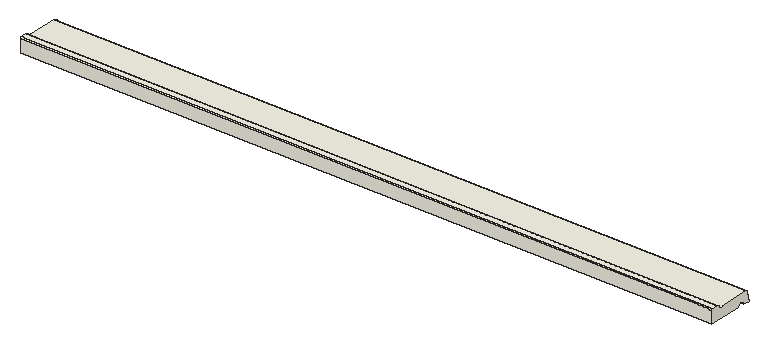
Revit family "Imposta IMP-H. C-1", category Modelos genéricos, Revit 2020
Family settings
  Puede alojar armadura = No
  Cota de conector redondo = Diámetro de uso
  Tipo de pieza = Normal
  Se basa en plano de trabajo = No
  Siempre vertical = No
  Corte con vacíos al cargar = No
  Compartido = No
  Punto de cálculo de habitación = No
Parameters
  Descripción = "Pieza de hormigón polímero con anclaje de acero inoxidable."
  URL = "https://www.ulmaarchitectural.com/es-es"
  Nº filas anclajes [instance] = if(Longitud > 2600 mm, 6, if(Longitud < 660 mm, 2, Longitud / Dist. entre anclajes))  # 3
  Modelo = "Imposta IMP-H"
  Material = Hormigón polímero STONEO. Color C-1
  Longitud real [instance] = if(Longitud > 2600 mm, 2600 mm, if(Longitud < 500 mm, 500 mm, Longitud))  # 1300 mm
  Longitud [instance] = 1300 mm
  Fabricante = "ULMA Architectural Solutions"
  Elevación por defecto = 0 mm
  Dist. entre anclajes [instance] = if(Longitud < 650 mm, 340 mm, 440 mm)  # 440 mm
  Dist primer anclaje [instance] = if(Longitud < 700 mm, 80 mm, 150 mm)  # 150 mm
  Código de montaje = "IMP-H"
  Ancho total = 85 mm  # constant formula
Reference planes
  plane 1 "Centro (Frontal/Posterior)": y = 0
  plane 2: z = 0
  plane 3 "Centro (Izquierda/Derecha)": x = 0
  plane 4: y = -115
  plane 5: y = 115
  plane 6: y = -15
Forms (mm)
  Extrusion 1, solid, material "Hormigón polímero STONEO. Color C-1" <- "Material"
    sketch origin (0, 0, 0) x (0, 1, 0) y (0, 0, 1)
      loop
        line (-42.5, 0) -> (17.5, 0) -> (22.695, 6.234)
        arc (22.695, 6.234) -> (25, 7.314) -> (27.305, 6.234) r 3
        line (27.305, 6.234) -> (32.5, 0) -> (42.5, 0) -> (39.256, 18.396)
        arc (39.256, 18.396) -> (38.283, 19.563) -> (36.827, 20) r 2.641
        line (36.827, 20) -> (-25.5, 20)
        arc (-25.5, 20) -> (-26.914, 20.586) -> (-27.5, 22) r 2
        line (-27.5, 22) -> (-27.5, 23)
        arc (-27.5, 23) -> (-28.086, 24.414) -> (-29.5, 25) r 2
        line (-29.5, 25) -> (-40.5, 25)
        arc (-40.5, 25) -> (-41.914, 24.414) -> (-42.5, 23) r 2
        line (-42.5, 23) -> (-42.5, 0)
    from 0 to 1300
Dimensions and locks
  equal spacing: Extrusion 1 sketch curve, plane 1 "Centro (Frontal/Posterior)", Extrusion 1 sketch curve
  "Ancho total": Extrusion 1 sketch curve to Extrusion 1 sketch curve
  Extrusion 1 sketch curve to Extrusion 1 sketch curve = 10 mm
  Extrusion 1 sketch curve to Extrusion 1 sketch curve = 15 mm  (x2)
  "Longitud real": Extrusion 1 to Extrusion 1
  Extrusion 1 sketch curve to Extrusion 1 sketch curve = 7.314 mm
  "Dist primer anclaje": Extrusion 1 to nested 1
  equal spacing: group 1, group 2, group 3  (x3)
  "Dist. entre anclajes": nested 1 to nested 2
  plane 1 "Centro (Frontal/Posterior)" to plane 4 = 115 mm
  plane 1 "Centro (Frontal/Posterior)" to plane 5 = 115 mm
  Extrusion 1 sketch curve to level = 20 mm
  Extrusion 1 sketch curve to Extrusion 1 sketch curve = 25 mm
  Extrusion 1 sketch curve to Extrusion 1 sketch curve = 5 mm
  plane 1 "Centro (Frontal/Posterior)" to plane 6 = 15 mm
  radius of Extrusion 1 sketch curve = 2 mm  (x3)
  angle Extrusion 1 sketch curve to Extrusion 1 sketch curve = 80.00°
  aligned and locked: level to plane 2
  aligned and locked: level to nested 2
  aligned and locked: level to nested 1
  aligned and locked: nested 1 to plane 6
  aligned and locked: nested 2 to plane 6
Automatic sketch dimensions
  Extrusion 1 sketch curve to level = 0 mm
  level to Extrusion 1 sketch curve = 6.234 mm  (x2)
  Extrusion 1 sketch curve to Extrusion 1 sketch curve = 5.195 mm
  Extrusion 1 sketch curve to Extrusion 1 sketch curve = 2.305 mm
  Extrusion 1 sketch curve to Extrusion 1 sketch curve = 9.522 mm
  level to Extrusion 1 sketch curve = 18.396 mm
Nested families
  nested 1: "Anclaje imposta" at (150, -15, -2) x (0, -1, 0) z (0, 0, 1), type "Anclaje imposta", detail levels medium+fine
  nested 2: "Anclaje imposta" at (590, -15, -2) x (0, -1, 0) z (0, 0, 1), type "Anclaje imposta", detail levels medium+fine
  nested 3: "Anclaje imposta" at (1030, -15, -2) x (0, -1, 0) z (0, 0, 1), type "Anclaje imposta", detail levels medium+fine
Definition of nested family "Anclaje imposta"
  Parameters (values of type "Anclaje inoxidable estándar")
    URL = "https://www.ulmaarchitectural.com/es-es"
    Model = "Sujeción anclaje inoxidable estándar SPE"
    Material = none
    Manufacturer = "ULMA"
    Default Elevation = 0 mm
    Assembly Code = "901250015"
  Reference planes
    plane 1 "Centro (Frontal/Posterior)": y = 0
    plane 2: z = 0
    plane 3 "Centro (Izquierda/Derecha)": x = 0
  Dimensions and locks
    equal spacing: import instance, plane 3 "Centro (Izquierda/Derecha)", import instance
    aligned and locked: level to plane 2
